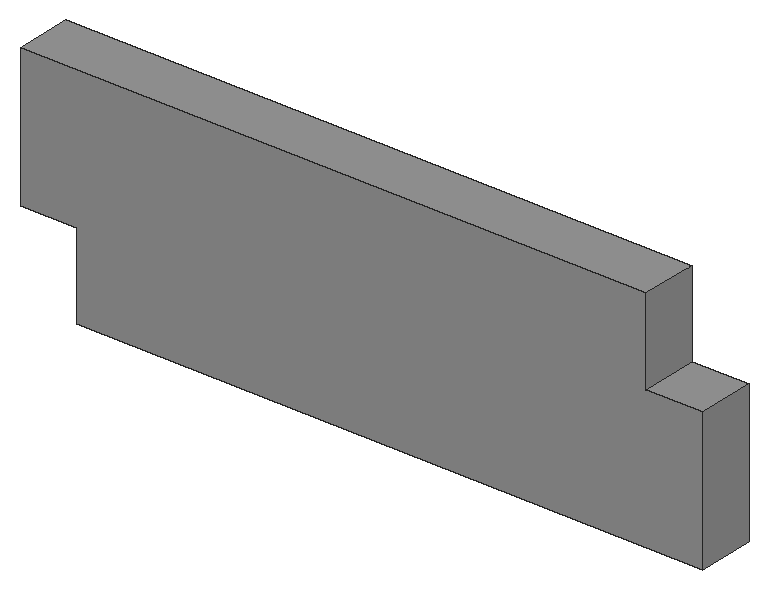
Revit family "1. Doré_PNormale_FRA", category Modelos genéricos, Revit 2017
Family settings
  Anfitrión = Muro
  Puede alojar armadura = No
  Cota de conector redondo = Diámetro de uso
  Tipo de pieza = Normal
  Siempre vertical = Sí
  Corte con vacíos al cargar = No
  Compartido = No
  Punto de cálculo de habitación = No
Parameters (values of type "Stonepanel® Doré 20 cm - 60 cm")
  Uniclass 2015 = "Pr_25_71_14_56 Natural stone panels"
  Uniclass 2 = "Pr_25_71_14_56 Natural stone panels"
  Omniclass = "23-15 15 15 11"
  NBS Reference = "45-25-45/380 Natural stone panels"
  Advantages de Stonepanel = "Efficacité:  L’installation des panneaux est simple et facile. Elle n’implique pas l’utilisation de machines spécifiques. La pose est dix fois plus rapide que la pose traditionnelle (20 m2 en moyenne par jour). La longévité de ce produit naturel est supérieure aux autres types de revêtement. Les déchets et les pertes dues aux coupes sont amplement diminués durant le chantier.\r\nSécurité: Le système de fixation breveté et homologué, en acier inoxydable, permet l’installation à plus de 2 mètres de hauteur (Avis Technique, CSTB). La base en ciment, homogène et rugueuse, garantit l’adhésion et permet d’être coupée sans décollement des pierres.\r\nQualité: Le contrôle de la production est effectué de façon continue par le département Innovation de CUPAGROUP. Chaque pierre naturelle est sélectionnée avec une attention particulière par les experts de CUPA STONE. Angles courts, longs, massifs, doubles, pour les fenêtres ou les dessus de mur… De nombreuses pièces spéciales sont proposées en option pour s’adapter parfaitement aux différentes configurations de chantier.\r\nEsthétisme: Le parement en forme de « S » rend les joints invisibles et assure un aspect homogène à la surface installée. Notre gamme de parements en pierre naturelle permet de choisir parmi un large choix de finitions et de coloris. Chaque pierre est unique, ainsi chaque panneau révèle l’élégance et la noblesse de la pierre naturelle."
  Utilisations indiquées = "Revêtements de murs intérieurs ou extérieurs, pour des ouvrages de 12 m de haut au plus.\r\nEn murs intérieurs, les supports admis sont les suivants (ils doivent avoir une épaisseur de 6 cm minimum) :\r\n- les murs en béton,\r\n- les panneaux préfabriqués en béton,\r\n- les enduits à base de ciment sur murs en béton et, murs et parois\r\nen maçonnerie.\r\nEn murs extérieurs, les supports admis sont ceux définis dans le NF DTU 52.2 P1-1-2 (P 61-204-1-1-2) « Cahier des clauses Techniques pour les murs extérieurs »."
  URL = "http://www.cupastone.fr/produit/stonepanel-orient/"
  Résistance au feu = "STONEPANEL ne sont pas de nature à affecter la tenue au feu des ouvrages."
  Durabilité = "La durabilité de l’ouvrage peut être appréciée comme équivalente à celle d’un carrelage collé en façade."
  Type de livraison = "Les panneaux sont emballés en plastique, en paires."
  Résistance = "Résistance élevée"
  Poids = "8,75 kg"
  Oxydation = "Non oxidé"
  Autres données intéressants = "STONEPANEL est utilisé pour la réalisation de revêtements de murs intérieurs ou extérieurs, pour des ouvrages de 12 m de haut au plus."
  Modelo = "Stonepanel® Doré"
  Matérial = "Quartzite dorée, aux tonalités marron et gris clair, apporte une atmosphère à la fois élégante et lumineuse, adaptée aussi bien aux projets rustiques que modernes."
  Nettoyage = "En général, les panneaux ne nécessitent pas d'entretien et sont autonettoyants, mais la suppression de certains types de marques peuvent nécessiter un traitement spécialisé.\r\nPour les salissures anormales, la surface peut être nettoyée à l'aide d'un mélange eau / détergent chaud, appliqué avec un tampon de nettoyage approprié ou une éponge."
  Long = 600 mm
  Imagen de tipo = <Ninguno>
  Format = "600 x 200"
  Form = "Forme de « S »"
  Fabricante = "Cupastone"
  Tests effectués par Avis Technique = "Avis Technique\r\nRésistance mécanique de l'ancrage\r\nRésistance mécanique de l'attache de sécurité\r\nEssais de durabilité après action de l'eau\r\nEssais de durabilité après action du gel\r\nEssai sismique\r\nEssai vers le feu"
  Décalage de hauteur = 0 mm
  Descripción = "Système de panneaux de pierre naturelle prémontés et assemblés\r\nsur une base en ciment renforcée, sur la face arrière, par une armature en fibre de verre. \r\nSon système de fixation unique évite tout risque de décollement. Est un ancrage spécifique pour les installations\r\nà plus de 2 mètres de hauteur."
  Densité apparente = "79,5 kg/m2"
  Couleur secondaire = "Gris"
  Couleur principale = "Crème"
  Certificats = "Avis Technique - France - En cours"
  Apparence = "Contemporain"
  Largeur = 50 mm
  Haut = 200 mm
  Finiton = "Naturelle"
  Absorption = "Basse absorption"
  Système d'ancrage = "Bande perforée en acier inoxydable:\r\n- Nature de l’acier : AISI 316 (1.4401) ou AISI 304 (1.4301)\r\n- Epaisseur minimale (mm) : 0,7\r\n- Largeur (mm) : 12 à 15\r\n- Diamètre du trou (mm) : 6 ± 1\r\n\r\nChevilles:\r\nLe choix des chevilles de fixation doit être déterminé compte tenu de l’action en dépression du vent (murs extérieurs) et de la résistance des chevilles dans le support considéré en fonction de de la nature du support. Un exemple de cheville à utiliser est TAPCO TC 6/30 x 60.\r\nLa charge admissible des chevilles est égale à 1/K fois la résistance caractéristique indiquée dans l’Agrément Technique Européen de la cheville ou :\r\n   K = 1,75 par comparaison au vent normal\r\n   K = 3 par comparaison au vent extrême\r\nLes chevilles doivent être adaptées à la nature du support porteur."
  Détails de construction = "Détails de:\r\n- Mise en oeuvre avec un profilé en métal\r\n- Mise en oeuvre de Stonepanel\r\n- Mise en oeuvre de Stonepanel en murs intérieurs\r\n- Mise en oeuvre de l'élément de sécurité\r\n- Angles rentrants\r\n- Angles sortants avec continuité de Stonepanel - éléments d'angles\r\n- Angles sortants avec continuité de Stonepanel - angles préformés\r\n- Angles sortants avec continuité de Stonepanel - sciage d'un panneau\r\n- Angles sortants sans continuité de Stonepanel - cas d'un pignon isolé\r\n- Arêtes supérieures\r\n- Dessus d'acrotère\r\n- Encadrement de baie"
Reference planes
  plane 1 "Muro": y = 0
  plane 2 "Centro (Izquierda/Derecha)": x = 125
  plane 3 "Posterior": y = 75
Forms (mm)
  Extrusion 1, solid, material "Stonepanel® SKY Orient"
    sketch origin (0, 160, 1120) x (1, 0, 0) y (0, 0, 1)
      loop
        line (125, -1120) -> (125, -996) -> (75, -996) -> (75, -920) -> (-475, -920) -> (-475, -1044) -> (-425, -1044) -> (-425, -1120) -> (125, -1120)
    from 35 to 85
Text (mm)
  text "Cara de colocación" at (-1848.837, 1116.779, 0), in view "Nivel de referencia"
  text "Cara de colocación" at (0, 1409.804, 2854.306), in view "Izquierda"
  text "Cara de colocación" at (0, 499.811, 2980.732), in view "Derecha"
Dimensions and locks
  locked: plane 3 "Posterior" to host wall
  locked: Extrusion 1 to plane 3 "Posterior" at 0
  "Largeur": Extrusion 1 to Extrusion 1
  "Long": Extrusion 1 to Extrusion 1
  locked: Extrusion 1 to Extrusion 1 at 76  (x2)
  "Décalage de hauteur": level to Extrusion 1
  locked: Extrusion 1 to Extrusion 1 at 50  (x2)
  "Haut": Extrusion 1 to Extrusion 1
  aligned and locked: plane 1 "Muro" to host wall
Automatic sketch dimensions
  level to Extrusion 1 sketch curve = 0 mm
  Extrusion 1 sketch curve to plane 2 "Centro (Izquierda/Derecha)" = 0 mm
  Extrusion 1 sketch curve to plane 2 "Centro (Izquierda/Derecha)" = 50 mm
  Extrusion 1 sketch curve to Extrusion 1 sketch curve = 500 mm
  Extrusion 1 sketch curve to Extrusion 1 sketch curve = 50 mm
  level to Extrusion 1 sketch curve = 124 mm
  level to Extrusion 1 sketch curve = 76 mm
  Extrusion 1 sketch curve to Extrusion 1 sketch curve = 76 mm
